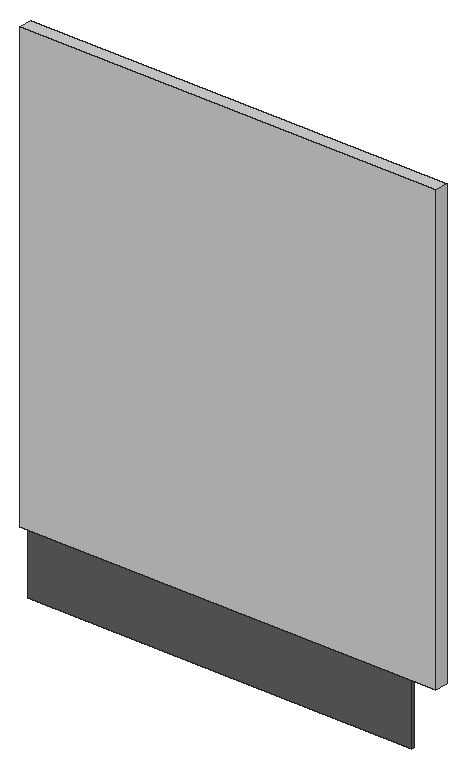
Revit family "Cabinet_Accessories-Danver-Side_Panel", category Casework, Revit 2026
Family settings
  Work Plane-Based = No
  Always vertical = Yes
  Cut with Voids When Loaded = No
  Shared = No
  Room Calculation Point = No
Parameters (values of type "27.88 Width")
  Version = "2019 - V1.0B"  # constant formula
  URL = "www.danver.com"
  Toe Kick Visibility [instance] = yes
  Toe Kick Material = Metal - Danver - Toe Kick
  Toe Kick Length = Base Cab Depth - Threshold Offset  # 2' - 1 3/4"
  Threshold Offset = 0' - 1 1/4"
  Support Phone = "(224) 699-9545"  # constant formula
  Support Email = "mailto:support@bimsmith.com"
  Product Page URL = "https://danver.com/cabinetry/specialty-cabinets/"
  Product Documentation Link = "https://danver.com/wp-content/uploads/2021/10/11-2021-Product_Specifications-1.pdf"
  Panel Width = Base Cab Depth + 0' 0 7/8"  # 2' - 3 7/8"
  Panel Thickness = 0' - 0 3/4"
  Panel Height = 2' - 6"
  Model = "OSP KW LV 27.88L"
  Manufacturer Email = "https://danver.com/contact-us/"
  Manufacturer Address = "One Grand Street, Wallingford, CT 06492"  # constant formula
  Manufacturer = "Danver Outdoor Kitchens"  # constant formula
  Panel Material = Metal - Danver - Stainless Steel
  Keynote = "12 35 28"
  Handle Material = Metal - Danver - Chrome Plated Steel
  Door Style = Door : Hampton
  Door Material [instance] = Metal - Danver - Stainless Steel
  Description = "Left Side Panel - 27 7/8\" Wide x 30\" Tall x 3/4\" Thick"
  Default Elevation = 0' - 0"
  Copyright = "©2021 Danver Outdoor Kitchens"  # constant formula
  Construction Type = "Type 304 Stainless Steel"  # constant formula
  Base Cab Depth = 2' - 3"
Types (5): name | Toe Kick Length | Panel Width | Model | Description | Base Cab Depth
  (no name) | 2' - 1 3/4" | 2' - 3 7/8" | "OSP KW LV 27.88L" | "Left Side Panel - 27 7/8\" Wide x 30\" Tall x 3/4\" Thick" | 2' - 3"
  27.88 Width | 2' - 1 3/4" | 2' - 3 7/8" | "OSP KW LV 27.88L" | "Left Side Panel - 27 7/8\" Wide x 30\" Tall x 3/4\" Thick" | 2' - 3"
  24.88 Width | 1' - 10 3/4" | 2' - 0 7/8" | "OSP KW LV 24.88L" | "Left Side Panel - 24 7/8\" Wide x 30\" Tall x 3/4\" Thick" | 2' - 0"
  25.63 Width | 1' - 11 1/2" | 2' - 1 5/8" | "OSP KW LV 25.63L" | "Left Side Panel - 25 5/8\" Wide x 30\" Tall x 3/4\" Thick" | 2' - 0 3/4"
  28.63 Width | 2' - 2 1/2" | 2' - 4 5/8" | "OSP KW LV 28.63L" | "Left Side Panel - 28 5/8\" Wide x 30\" Tall x 3/4\" Thick" | 2' - 3 3/4"
Reference planes (in)
  plane 1 "Center (Front/Back)": y = 0
  plane 2: z = 0
  plane 3 "Center (Left/Right)": x = 0
  plane 4: x = 27.875
  plane 5: y = -0.75
  plane 6: z = 4.5
  plane 7: z = 34.5
  plane 8: x = 27
  plane 9: x = 25.75
Dimensions and locks (in)
  "Panel Thickness": plane 5 to plane 1 "Center (Front/Back)"
  "Panel Height": plane 7 to plane 6
  "Panel Width": plane 3 "Center (Left/Right)" to plane 4
  "Base Cab Depth": plane 3 "Center (Left/Right)" to plane 8
  "Threshold Offset": plane 9 to plane 8
  "Toe Kick Length": plane 3 "Center (Left/Right)" to plane 9
  locked: plane 6 to level at 4.5
  aligned and locked: plane 2 to level
  aligned and locked: plane 3 "Center (Left/Right)" to nested 1
  aligned and locked: nested 1 to plane 1 "Center (Front/Back)"
  aligned and locked: nested 1 to plane 2
  aligned and locked: nested 2 to plane 3 "Center (Left/Right)"
  aligned and locked: plane 4 to nested 2
  aligned and locked: plane 5 to nested 2
  aligned and locked: plane 6 to nested 2
  aligned and locked: plane 7 to nested 2
Nested families (in)
  nested 1: "Toe Kick Left" at (0, -0.125, 0) x (0, 1, 0) z (0, 0, 1), Toe Kick Length <- "Toe Kick Length", Toe Kick Material <- "Toe Kick Material", visible <- "Toe Kick Visibility", type "Toe Kick Left"
    with Toe Kick Material Metal - Danver - Toe Kick, Toe Kick Length 2' - 1 3/4"
  nested 2: "Door" at (13.9375, 0.125, -16.44932), Door Material <- "Door Material", Door Panel Material <- "Panel Material", Handle Material <- "Handle Material", type <- "Door Style", type "Hampton"
    with Number of Louver Slats 14, Number of Beadboard Slats 15, Insert Panel Width 1' - 10 1/2", Insert Panel Height 2' - 0 5/8", Handle Material Metal - Danver - Chrome Plated Steel, Door Width 2' - 3 7/8", Door Panel Material Metal - Danver - Stainless Steel, Door Material Metal - Danver - Stainless Steel, Door Height 2' - 6"
Definition of nested family "Toe Kick Left"
  Parameters (values of type "Toe Kick Left")
    Toe Kick Material [instance] = none
    Toe Kick Length [instance] = 1' - 3.37294"
    Default Elevation = 0' - 0"
  Reference planes (in)
    plane 1 "Center (Front/Back)": y = 0
    plane 2: z = 0
    plane 3 "Center (Left/Right)": x = 0
    plane 4: y = -15.37294
  Forms (in)
    Extrusion 1, solid, material <- "Toe Kick Material"
      sketch origin (0, 0, 0) x (1, 0, 0) y (0, 0, 1)
        loop
          line (0, 0) -> (0.125, 0) -> (0.125, 4.5) -> (0, 4.5) -> (0, 0)
      from 0 to 15.37294
  Dimensions and locks (in)
    locked: Extrusion 1 sketch curve to level at 4.5
    locked: Extrusion 1 sketch curve to plane 3 "Center (Left/Right)" at 0.125
    "Toe Kick Length": plane 1 "Center (Front/Back)" to plane 4
    Extrusion 1 to level = 0' - 4 1/2"
    aligned and locked: plane 2 to level
    aligned and locked: Extrusion 1 to plane 1 "Center (Front/Back)"
    aligned and locked: plane 4 to Extrusion 1
  Automatic sketch dimensions
    Extrusion 1 sketch curve to plane 3 "Center (Left/Right)" = 0' - 0"
    Extrusion 1 sketch curve to level = 0' - 0"
Definition of nested family "Door"
  Parameters (values of type "Hampton")
    V_Venice = no
    V_Techno = no
    V_Rio = no
    V_Palm Beach = no
    V_PB-KW = if(or(V_Palm Beach, V_Keywest, V_Beadboard Insert, V_Louver Insert), 1 = 1, 1 = 0)  # no
    V_Louver Insert = no
    V_Keywest = no
    V_Handle = not(V_Techno)  # yes
    V_Hampton = yes
    V_Beadboard Insert = no
    Stile Width = if(V_Palm Beach, 0' 3 3/4", if(V_Rio, 0' 2 1/2", if(V_Venice, 0' 0 3/4", 0' 2 11/16")))  # 0' - 2 11/16"
    Door Panel Material [instance] = none
    Number of Louver Slats [instance] = roundup((Insert Panel Height) / 0' 1 225/256")  # 17
    Number of Beadboard Slats [instance] = roundup((Insert Panel Width) / 0' 1 1/2")  # 13
    Model = if(V_Beadboard Insert, "Keywest Beadboard", if(V_Louver Insert, "Keywest Louver", if(V_Hampton, "Hampton", if(V_Venice, "Venice", if(V_Techno, "Techno", if(V_Rio, "Rio", if(Door Panel Inset = 0' 0 1/2", "Keywest", "Yikes")))))))  # "Hampton"
    Insert Panel Width [instance] = Door Width - 0' 5 3/8"  # 1' - 6 5/8"
    Insert Panel Height [instance] = Door Height - 0' 5 3/8"  # 2' - 6 5/8"
    Handle Offset = if(V_Hampton, 0' 2 3/16", if(V_Venice, 0' 2", 0' 1 11/32"))  # 0' - 2 3/16"
    Handle Material [instance] = none
    Handle Drop = if(V_Hampton, 0' 1 11/32", if(V_Venice, 0' 2 47/64", 0' 2 49/64"))  # 0' - 1 11/32"
    Door Width [instance] = 2' - 0"
    Door Thickness = if(V_Venice, 0' 0 15/16", 0' 0 7/8")  # 0' - 0 7/8"
    Door Panel Inset = if(or(V_Louver Insert, V_Beadboard Insert), 0' 0 5/8", if(V_Venice, 0' 0 1/16", 0' 0 1/2"))  # 0' - 0 1/2"
    Door Material [instance] = none
    Door Height [instance] = 3' - 0"
    Analytic Construction = "<None>"
  Types (8): name | V_Venice | V_Techno | V_Rio | V_Palm Beach | V_PB-KW | V_Louver Insert | V_Keywest | V_Handle | V_Hampton | V_Beadboard Insert | Stile Width | Model | Handle Offset | Handle Drop | Door Thickness | Door Panel Inset
    Hampton | no | no | no | no | no | no | no | yes | yes | no | 0' - 2 11/16" | "Hampton" | 0' - 2 3/16" | 0' - 1 11/32" | 0' - 0 7/8" | 0' - 0 1/2"
    Keywest | no | no | no | no | yes | no | yes | yes | no | no | 0' - 2 11/16" | "Keywest" | 0' - 1 11/32" | 0' - 2 49/64" | 0' - 0 7/8" | 0' - 0 1/2"
    Keywest Beadboard | no | no | no | no | yes | no | yes | yes | no | yes | 0' - 2 11/16" | "Keywest Beadboard" | 0' - 1 11/32" | 0' - 2 49/64" | 0' - 0 7/8" | 0' - 0 5/8"
    Keywest Louver | no | no | no | no | yes | yes | yes | yes | no | no | 0' - 2 11/16" | "Keywest Louver" | 0' - 1 11/32" | 0' - 2 49/64" | 0' - 0 7/8" | 0' - 0 5/8"
    Palm Beach | no | no | no | yes | yes | no | no | yes | no | no | 0' - 3 3/4" | "Keywest" | 0' - 1 11/32" | 0' - 2 49/64" | 0' - 0 7/8" | 0' - 0 1/2"
    Rio | no | no | yes | no | no | no | no | yes | no | no | 0' - 2 1/2" | "Rio" | 0' - 1 11/32" | 0' - 2 49/64" | 0' - 0 7/8" | 0' - 0 1/2"
    Venice | yes | no | no | no | no | no | no | yes | no | no | 0' - 0 3/4" | "Venice" | 0' - 2" | 0' - 2 47/64" | 0' - 0 15/16" | 0' - 0 1/16"
    Techno | no | yes | no | no | no | no | no | no | no | no | 0' - 2 11/16" | "Techno" | 0' - 1 11/32" | 0' - 2 49/64" | 0' - 0 7/8" | 0' - 0 1/2"
  Reference planes (in)
    plane 1 "Center (Front/Back)": y = 0
    plane 2: z = 0
    plane 3 "Center (Left/Right)": x = 0
    plane 4: x = 12
    plane 5: x = -12
    plane 6: y = -0.875
    plane 7: z = 20.94932
    plane 8: z = 56.94932
    plane 9: z = 55.60557
    plane 10: x = 9.8125
    plane 11: x = -9.3125
    plane 12: z = 54.26182
    plane 13: z = 23.63682
    plane 14: x = 9.3125
    plane 15: y = -0.375
  Forms (in)
    Extrusion 1, solid, material <- "Door Panel Material", visible <- "V_PB-KW"
      sketch origin (0, 0, 0) x (1, 0, 0) y (0, 0, 1)
        loop
          line (-9.3125, 54.26182) -> (-9.3125, 23.63682) -> (9.3125, 23.63682) -> (9.3125, 54.26182) -> (-9.3125, 54.26182)
      from 0 to 0.375
    Sweep 2, solid, material <- "Door Material", visible <- "V_PB-KW"
      path origin (0, 0, 0) x (1, 0, 0) y (0, 0, 1)
        loop
          line (-12, 20.94932) -> (-12, 56.94932)
      profile origin (-12, 0, 38.94932) x (-1, 0, 0) y (0, -1, 0)
        loop
          line (0, 0) -> (0, 0.83984)
          arc (0, 0.83984) -> (-0.0103, 0.8647) -> (-0.03516, 0.875) r 0.03516
          line (-0.03516, 0.875) -> (-2.65234, 0.875)
          arc (-2.65234, 0.875) -> (-2.6772, 0.8647) -> (-2.6875, 0.83984) r 0.03516
          line (-2.6875, 0.83984) -> (-2.6875, 0) -> (0, 0)
        loop
          line (-24, 0) -> (-21.3125, 0) -> (-21.3125, 0.83984)
          arc (-21.3125, 0.83984) -> (-21.3228, 0.8647) -> (-21.34766, 0.875) r 0.03516
          line (-21.34766, 0.875) -> (-23.96484, 0.875)
          arc (-23.96484, 0.875) -> (-23.9897, 0.8647) -> (-24, 0.83984) r 0.03516
          line (-24, 0.83984) -> (-24, 0)
    Sweep 3, solid, material <- "Door Material", visible <- "V_PB-KW"
      path origin (0, 0, 0) x (1, 0, 0) y (0, 0, 1)
        loop
          line (-9.3125, 56.94932) -> (9.3125, 56.94932)
      profile origin (0, 0, 56.94932) x (0, 0, 1) y (0, -1, 0)
        loop
          line (0, 0) -> (0, 0.83984)
          arc (0, 0.83984) -> (-0.0103, 0.8647) -> (-0.03516, 0.875) r 0.03516
          line (-0.03516, 0.875) -> (-2.65234, 0.875)
          arc (-2.65234, 0.875) -> (-2.6772, 0.8647) -> (-2.6875, 0.83984) r 0.03516
          line (-2.6875, 0.83984) -> (-2.6875, 0) -> (0, 0)
        loop
          line (-36, 0) -> (-33.3125, 0) -> (-33.3125, 0.83984)
          arc (-33.3125, 0.83984) -> (-33.3228, 0.8647) -> (-33.34766, 0.875) r 0.03516
          line (-33.34766, 0.875) -> (-35.96484, 0.875)
          arc (-35.96484, 0.875) -> (-35.9897, 0.8647) -> (-36, 0.83984) r 0.03516
          line (-36, 0.83984) -> (-36, 0)
    Extrusion 4, solid, material <- "Door Material", visible <- "V_Techno"
      sketch origin (45.83357, 0, 12) x (0, 1, 0) y (0, 0, 1)
        loop
          line (-0.875, 44.94932) -> (-0.875, 44.57432) -> (-0.8125, 44.57432) -> (-0.8125, 44.88682) -> (-0.0625, 44.88682) -> (-0.0625, 43.82432) -> (-0.875, 43.82432) -> (-0.875, 8.94932) -> (0, 8.94932) -> (0, 44.94932) -> (-0.875, 44.94932)
      from -57.83357 to -33.83357
    Extrusion 5, solid, material <- "Door Material", visible <- "V_Rio"
      sketch origin (35.68973, 0, 0) x (1, 0, 0) y (0, 0, 1)
        loop
          line (-47.68973, 20.94932) -> (-23.68973, 20.94932) -> (-23.68973, 56.94932) -> (-47.68973, 56.94932) -> (-47.68973, 20.94932)
        loop
          line (-45.00223, 54.26182) -> (-45.00223, 23.63682) -> (-26.37723, 23.63682) -> (-26.37723, 54.26182) -> (-45.00223, 54.26182)
      from 0 to 0.875 <- "Door Thickness"
    Extrusion 6, solid, material <- "Door Panel Material", visible <- "V_Rio"
      sketch origin (0, 0, 0) x (1, 0, 0) y (0, 0, 1)
        loop
          line (-9.3125, 54.26182) -> (-9.3125, 23.63682) -> (9.3125, 23.63682) -> (9.3125, 54.26182) -> (-9.3125, 54.26182)
      from 0 to 0.5 <- "Door Panel Inset"
    Extrusion 7, solid, material <- "Door Material", visible <- "V_Hampton"
      sketch origin (-9.3125, -180, 96) x (0, 0, 1) y (0, -1, 0)
        loop
          line (-39.05068, -180) -> (-39.05068, -179.125) -> (-75.05068, -179.125) -> (-75.05068, -180) -> (-39.05068, -180)
      from -2.6875 to 21.3125
    Extrusion 8, solid, material <- "Door Material", visible <- "V_Venice"
      sketch origin (0, 0, 0) x (1, 0, 0) y (0, 0, 1)
        loop
          line (-12, 56.94932) -> (-12, 20.94932) -> (12, 20.94932) -> (12, 56.94932) -> (-12, 56.94932)
        loop
          line (-9.3125, 54.26182) -> (-9.3125, 23.63682) -> (9.3125, 23.63682) -> (9.3125, 54.26182) -> (-9.3125, 54.26182)
      from 0 to 0.875
    Extrusion 9, solid, material <- "Door Panel Material", visible <- "V_Venice"
      sketch origin (-9.3125, -180, 96) x (0, 0, 1) y (0, -1, 0)
        loop
          line (-41.58459, -180) -> (-41.58459, -179.625) -> (-72.36318, -179.625) -> (-72.36318, -180) -> (-41.58459, -180)
      from 0 to 18.625
  Lines and regions (in)
    symbolic lines, detail levels medium+fine
      curve 1: line (12, 0, 56.94932) -> (-12, 0, 38.94932)
      curve 2: line (-12, 0, 38.94932) -> (12, 0, 20.94932)
  Dimensions and locks (in)
    "Door Thickness": plane 6 to plane 1 "Center (Front/Back)"
    "Door Width": plane 5 to plane 4
    equal spacing: plane 5, plane 3 "Center (Left/Right)", plane 4
    "Door Height": plane 8 to plane 7
    "Handle Drop": plane 8 to plane 9
    "Handle Offset": plane 4 to plane 10
    equal spacing: plane 8, curve 2, plane 7
    "Door Panel Inset": plane 15 to plane 6
    "Stile Width": plane 13 to plane 7
    "Stile Width": plane 8 to plane 12
    "Stile Width": plane 5 to plane 11
    "Stile Width": plane 4 to plane 14
    plane 14 to plane 11 = 1' - 6 5/8"
    equal spacing: group 1, group 2, group 3, group 4, group 5, group 6, group 7, group 8, group 9, group 10, group 11, group 12, group 13  (x2)
    equal spacing: group 13, group 12, group 11, group 10, group 9, group 8, group 7, group 6, group 5, group 4, group 3, group 2, group 1
    plane 15 to plane 6 = 0' - 0 1/2"
    equal spacing: group 14, group 15, group 16, group 17, group 18, group 19, group 20, group 21, group 22, group 23, group 24, group 25, group 26, group 27, group 28, group 29, group 30  (x2)
    equal spacing: group 30, group 29, group 28, group 27, group 26, group 25, group 24, group 23, group 22, group 21, group 20, group 19, group 18, group 17, group 16, group 15, group 14
    plane 8 to Extrusion 4 sketch curve to Extrusion 4 sketch curve = 0' - 0 1/16" locked, 0' - 1 1/16" locked
    locked: plane 1 "Center (Front/Back)" to Extrusion 4 sketch curve at 0.0625
    locked: Extrusion 4 sketch curve to plane 6 at 0.0625
    aligned and locked: plane 2 to level
    aligned and locked: plane 11 to Extrusion 1 sketch curve
    aligned and locked: Extrusion 1 sketch curve to plane 12
    aligned and locked: Extrusion 1 sketch curve to plane 14
    aligned and locked: plane 13 to Extrusion 1 sketch curve
    aligned and locked: Extrusion 1 to plane 1 "Center (Front/Back)"
    aligned and locked: Extrusion 1 to plane 15
    aligned and locked: plane 8 to Sweep 2
    aligned and locked: plane 7 to Sweep 2
    aligned and locked: plane 11 to Sweep 3 sketch curve
    aligned and locked: plane 14 to Sweep 3 sketch curve
    aligned and locked: Extrusion 1 to plane 13
    aligned and locked: plane 15 to nested 1
    aligned and locked: nested 1 to plane 13
    aligned and locked: plane 11 to nested 1
    aligned and locked: nested 2 to nested 1
    aligned and locked: plane 15 to nested 2
    aligned and locked: nested 14 to plane 15
    aligned and locked: nested 14 to plane 12
    aligned and locked: nested 15 to plane 15
    aligned and locked: nested 15 to nested 14
    aligned and locked: plane 11 to nested 14
    aligned and locked: plane 11 to nested 15
    aligned and locked: profile plane to Sweep 2 sketch curve  (x2)
    aligned and locked: Sweep 2 sketch curve to plane 11
    aligned and locked: plane 6 to Sweep 2 sketch curve
    aligned and locked: plane 8 to Sweep 2 sketch curve
    aligned and locked: Sweep 2 sketch curve to plane 5
    aligned and locked: plane 7 to Sweep 2 sketch curve
    aligned and locked: plane 4 to Sweep 2 sketch curve
    aligned and locked: Sweep 2 sketch curve to plane 14
    aligned and locked: Sweep 2 sketch curve to plane 1 "Center (Front/Back)"
    aligned and locked: Sweep 2 sketch curve to plane 6
    aligned and locked: Sweep 3 sketch curve to plane 8
    aligned and locked: plane 1 "Center (Front/Back)" to Sweep 3 sketch curve
    aligned and locked: plane 6 to Sweep 3 sketch curve
    aligned and locked: plane 12 to Sweep 3 sketch curve
    aligned and locked: Sweep 3 sketch curve to plane 7
    aligned and locked: plane 13 to Sweep 3 sketch curve
    aligned and locked: Sweep 3 sketch curve to plane 1 "Center (Front/Back)"
    aligned and locked: Sweep 3 sketch curve to plane 6
    aligned and locked: plane 8 to Extrusion 4 sketch curve
    aligned and locked: plane 6 to Extrusion 4 sketch curve
    aligned and locked: plane 1 "Center (Front/Back)" to Extrusion 4 sketch curve
    aligned and locked: plane 7 to Extrusion 4 sketch curve
    aligned and locked: plane 5 to Extrusion 4
    aligned and locked: plane 4 to Extrusion 4
    aligned and locked: plane 5 to Extrusion 5 sketch curve
    aligned and locked: plane 11 to Extrusion 5 sketch curve
    aligned and locked: Extrusion 5 sketch curve to plane 14
    aligned and locked: plane 4 to Extrusion 5 sketch curve
    aligned and locked: plane 8 to Extrusion 5 sketch curve
    aligned and locked: Extrusion 5 sketch curve to plane 12
    aligned and locked: Extrusion 5 sketch curve to plane 7
    aligned and locked: plane 13 to Extrusion 5 sketch curve
    aligned and locked: Extrusion 5 to plane 1 "Center (Front/Back)"
    aligned and locked: plane 11 to Extrusion 6 sketch curve
    aligned and locked: Extrusion 6 sketch curve to plane 12
    aligned and locked: Extrusion 6 sketch curve to plane 14
    aligned and locked: plane 13 to Extrusion 6 sketch curve
    aligned and locked: Extrusion 6 to plane 1 "Center (Front/Back)"
    aligned and locked: Extrusion 7 sketch curve to plane 8
    aligned and locked: plane 1 "Center (Front/Back)" to Extrusion 7 sketch curve
    aligned and locked: plane 6 to Extrusion 7 sketch curve
    aligned and locked: plane 7 to Extrusion 7 sketch curve
    aligned and locked: plane 4 to Extrusion 7
    aligned and locked: plane 5 to Extrusion 7
    aligned and locked: Extrusion 8 sketch curve to plane 8
    aligned and locked: Extrusion 8 sketch curve to plane 5
    aligned and locked: plane 11 to Extrusion 8 sketch curve
    aligned and locked: Extrusion 8 sketch curve to plane 12
    aligned and locked: Extrusion 8 sketch curve to plane 4
    aligned and locked: Extrusion 8 sketch curve to plane 14
    aligned and locked: plane 7 to Extrusion 8 sketch curve
    aligned and locked: plane 13 to Extrusion 8 sketch curve
    aligned and locked: Extrusion 8 to plane 1 "Center (Front/Back)"
    aligned and locked: Extrusion 8 to plane 6
    aligned and locked: plane 13 to Extrusion 9 sketch curve
    aligned and locked: plane 15 to Extrusion 9 sketch curve
    aligned and locked: plane 1 "Center (Front/Back)" to Extrusion 9 sketch curve
    aligned and locked: plane 14 to Extrusion 9
    aligned and locked: Extrusion 9 to plane 11
  Automatic sketch dimensions
    Sweep 3 sketch curve to plane 8 = 0' - 0"
    Extrusion 4 sketch curve to plane 6 = 0' - 0"
    Extrusion 4 sketch curve to Extrusion 4 sketch curve = 0' - 0 5/16"
    plane 5 to curve 1 = 0' - 0"
    curve 2 to plane 4 = 0' - 0"
    curve 1 to plane 4 = 0' - 0"
    curve 2 to plane 7 = 0' - 0"
    curve 1 to plane 8 = 0' - 0"
    Sweep 2 sketch curve to Sweep 2 sketch curve = 0' - 0 9/256"  (x3)
    profile plane to Sweep 2 sketch curve = 0' - 0 9/256"
    Sweep 3 sketch curve to Sweep 3 sketch curve = 0' - 0 9/256"  (x3)
    profile plane to Sweep 3 sketch curve = 0' - 0 9/256"
    plane 12 to Extrusion 9 sketch curve = 0' - 0.15359"
  Nested families (in)
    nested 1: "Beadboard Slat" at (-8.5625, -0.625, 23.63682), BeadboardSlat Height <- "Insert Panel Height", Beadboard Material <- "Door Panel Material", visible <- "V_Beadboard Insert", type "Beadboard Slat"
      with Slat Width 0' - 1 1/2", BeadboardSlat Width 0' - 1 1/2", BeadboardSlat Height 2' - 6 5/8", Beadboard Material none
    nested 2: "Beadboard Slat" at (-7.0625, -0.625, 23.63682), BeadboardSlat Height <- "Insert Panel Height", Beadboard Material <- "Door Panel Material", visible <- "V_Beadboard Insert", type "Beadboard Slat"
      with Slat Width 0' - 1 1/2", BeadboardSlat Width 0' - 1 1/2", BeadboardSlat Height 2' - 6 5/8", Beadboard Material none
    nested 3: "Beadboard Slat" at (-5.5625, -0.625, 23.63682), BeadboardSlat Height <- "Insert Panel Height", Beadboard Material <- "Door Panel Material", visible <- "V_Beadboard Insert", type "Beadboard Slat"
      with Slat Width 0' - 1 1/2", BeadboardSlat Width 0' - 1 1/2", BeadboardSlat Height 2' - 6 5/8", Beadboard Material none
    nested 4: "Beadboard Slat" at (-4.0625, -0.625, 23.63682), BeadboardSlat Height <- "Insert Panel Height", Beadboard Material <- "Door Panel Material", visible <- "V_Beadboard Insert", type "Beadboard Slat"
      with Slat Width 0' - 1 1/2", BeadboardSlat Width 0' - 1 1/2", BeadboardSlat Height 2' - 6 5/8", Beadboard Material none
    nested 5: "Beadboard Slat" at (-2.5625, -0.625, 23.63682), BeadboardSlat Height <- "Insert Panel Height", Beadboard Material <- "Door Panel Material", visible <- "V_Beadboard Insert", type "Beadboard Slat"
      with Slat Width 0' - 1 1/2", BeadboardSlat Width 0' - 1 1/2", BeadboardSlat Height 2' - 6 5/8", Beadboard Material none
    nested 6: "Beadboard Slat" at (-1.0625, -0.625, 23.63682), BeadboardSlat Height <- "Insert Panel Height", Beadboard Material <- "Door Panel Material", visible <- "V_Beadboard Insert", type "Beadboard Slat"
      with Slat Width 0' - 1 1/2", BeadboardSlat Width 0' - 1 1/2", BeadboardSlat Height 2' - 6 5/8", Beadboard Material none
    nested 7: "Beadboard Slat" at (0.4375, -0.625, 23.63682), BeadboardSlat Height <- "Insert Panel Height", Beadboard Material <- "Door Panel Material", visible <- "V_Beadboard Insert", type "Beadboard Slat"
      with Slat Width 0' - 1 1/2", BeadboardSlat Width 0' - 1 1/2", BeadboardSlat Height 2' - 6 5/8", Beadboard Material none
    nested 8: "Beadboard Slat" at (1.9375, -0.625, 23.63682), BeadboardSlat Height <- "Insert Panel Height", Beadboard Material <- "Door Panel Material", visible <- "V_Beadboard Insert", type "Beadboard Slat"
      with Slat Width 0' - 1 1/2", BeadboardSlat Width 0' - 1 1/2", BeadboardSlat Height 2' - 6 5/8", Beadboard Material none
    nested 9: "Beadboard Slat" at (3.4375, -0.625, 23.63682), BeadboardSlat Height <- "Insert Panel Height", Beadboard Material <- "Door Panel Material", visible <- "V_Beadboard Insert", type "Beadboard Slat"
      with Slat Width 0' - 1 1/2", BeadboardSlat Width 0' - 1 1/2", BeadboardSlat Height 2' - 6 5/8", Beadboard Material none
    nested 10: "Beadboard Slat" at (4.9375, -0.625, 23.63682), BeadboardSlat Height <- "Insert Panel Height", Beadboard Material <- "Door Panel Material", visible <- "V_Beadboard Insert", type "Beadboard Slat"
      with Slat Width 0' - 1 1/2", BeadboardSlat Width 0' - 1 1/2", BeadboardSlat Height 2' - 6 5/8", Beadboard Material none
    nested 11: "Beadboard Slat" at (6.4375, -0.625, 23.63682), BeadboardSlat Height <- "Insert Panel Height", Beadboard Material <- "Door Panel Material", visible <- "V_Beadboard Insert", type "Beadboard Slat"
      with Slat Width 0' - 1 1/2", BeadboardSlat Width 0' - 1 1/2", BeadboardSlat Height 2' - 6 5/8", Beadboard Material none
    nested 12: "Beadboard Slat" at (7.9375, -0.625, 23.63682), BeadboardSlat Height <- "Insert Panel Height", Beadboard Material <- "Door Panel Material", visible <- "V_Beadboard Insert", type "Beadboard Slat"
      with Slat Width 0' - 1 1/2", BeadboardSlat Width 0' - 1 1/2", BeadboardSlat Height 2' - 6 5/8", Beadboard Material none
    nested 13: "Beadboard Slat" at (9.4375, -0.625, 23.63682), BeadboardSlat Height <- "Insert Panel Height", Beadboard Material <- "Door Panel Material", visible <- "V_Beadboard Insert", type "Beadboard Slat"
      with Slat Width 0' - 1 1/2", BeadboardSlat Width 0' - 1 1/2", BeadboardSlat Height 2' - 6 5/8", Beadboard Material none
    nested 14: "Louver Slat" at (-9.3125, -0.625, 53.32237) x (0, 0, 1) z (1, 0, 0), LouverSlat Height <- "Insert Panel Width", visible <- "V_Louver Insert", Louver Material <- "Door Material", type "Louver Slat"
      with LouverSlat Width 0' - 1 225/256", LouverSlat Height 1' - 6 5/8", Louver Material none
    nested 15: "Louver Slat" at (-9.3125, -0.625, 51.44346) x (0, 0, 1) z (1, 0, 0), LouverSlat Height <- "Insert Panel Width", visible <- "V_Louver Insert", Louver Material <- "Door Material", type "Louver Slat"
      with LouverSlat Width 0' - 1 225/256", LouverSlat Height 1' - 6 5/8", Louver Material none
    nested 16: "Louver Slat" at (-9.3125, -0.625, 49.56455) x (0, 0, 1) z (1, 0, 0), LouverSlat Height <- "Insert Panel Width", visible <- "V_Louver Insert", Louver Material <- "Door Material", type "Louver Slat"
      with LouverSlat Width 0' - 1 225/256", LouverSlat Height 1' - 6 5/8", Louver Material none
    nested 17: "Louver Slat" at (-9.3125, -0.625, 47.68565) x (0, 0, 1) z (1, 0, 0), LouverSlat Height <- "Insert Panel Width", visible <- "V_Louver Insert", Louver Material <- "Door Material", type "Louver Slat"
      with LouverSlat Width 0' - 1 225/256", LouverSlat Height 1' - 6 5/8", Louver Material none
    nested 18: "Louver Slat" at (-9.3125, -0.625, 45.80674) x (0, 0, 1) z (1, 0, 0), LouverSlat Height <- "Insert Panel Width", visible <- "V_Louver Insert", Louver Material <- "Door Material", type "Louver Slat"
      with LouverSlat Width 0' - 1 225/256", LouverSlat Height 1' - 6 5/8", Louver Material none
    nested 19: "Louver Slat" at (-9.3125, -0.625, 43.92783) x (0, 0, 1) z (1, 0, 0), LouverSlat Height <- "Insert Panel Width", visible <- "V_Louver Insert", Louver Material <- "Door Material", type "Louver Slat"
      with LouverSlat Width 0' - 1 225/256", LouverSlat Height 1' - 6 5/8", Louver Material none
    nested 20: "Louver Slat" at (-9.3125, -0.625, 42.04893) x (0, 0, 1) z (1, 0, 0), LouverSlat Height <- "Insert Panel Width", visible <- "V_Louver Insert", Louver Material <- "Door Material", type "Louver Slat"
      with LouverSlat Width 0' - 1 225/256", LouverSlat Height 1' - 6 5/8", Louver Material none
    nested 21: "Louver Slat" at (-9.3125, -0.625, 40.17002) x (0, 0, 1) z (1, 0, 0), LouverSlat Height <- "Insert Panel Width", visible <- "V_Louver Insert", Louver Material <- "Door Material", type "Louver Slat"
      with LouverSlat Width 0' - 1 225/256", LouverSlat Height 1' - 6 5/8", Louver Material none
    nested 22: "Louver Slat" at (-9.3125, -0.625, 38.29112) x (0, 0, 1) z (1, 0, 0), LouverSlat Height <- "Insert Panel Width", visible <- "V_Louver Insert", Louver Material <- "Door Material", type "Louver Slat"
      with LouverSlat Width 0' - 1 225/256", LouverSlat Height 1' - 6 5/8", Louver Material none
    nested 23: "Louver Slat" at (-9.3125, -0.625, 36.41221) x (0, 0, 1) z (1, 0, 0), LouverSlat Height <- "Insert Panel Width", visible <- "V_Louver Insert", Louver Material <- "Door Material", type "Louver Slat"
      with LouverSlat Width 0' - 1 225/256", LouverSlat Height 1' - 6 5/8", Louver Material none
    nested 24: "Louver Slat" at (-9.3125, -0.625, 34.5333) x (0, 0, 1) z (1, 0, 0), LouverSlat Height <- "Insert Panel Width", visible <- "V_Louver Insert", Louver Material <- "Door Material", type "Louver Slat"
      with LouverSlat Width 0' - 1 225/256", LouverSlat Height 1' - 6 5/8", Louver Material none
    nested 25: "Louver Slat" at (-9.3125, -0.625, 32.6544) x (0, 0, 1) z (1, 0, 0), LouverSlat Height <- "Insert Panel Width", visible <- "V_Louver Insert", Louver Material <- "Door Material", type "Louver Slat"
      with LouverSlat Width 0' - 1 225/256", LouverSlat Height 1' - 6 5/8", Louver Material none
    nested 26: "Louver Slat" at (-9.3125, -0.625, 30.77549) x (0, 0, 1) z (1, 0, 0), LouverSlat Height <- "Insert Panel Width", visible <- "V_Louver Insert", Louver Material <- "Door Material", type "Louver Slat"
      with LouverSlat Width 0' - 1 225/256", LouverSlat Height 1' - 6 5/8", Louver Material none
    nested 27: "Louver Slat" at (-9.3125, -0.625, 28.89658) x (0, 0, 1) z (1, 0, 0), LouverSlat Height <- "Insert Panel Width", visible <- "V_Louver Insert", Louver Material <- "Door Material", type "Louver Slat"
      with LouverSlat Width 0' - 1 225/256", LouverSlat Height 1' - 6 5/8", Louver Material none
    nested 28: "Louver Slat" at (-9.3125, -0.625, 27.01768) x (0, 0, 1) z (1, 0, 0), LouverSlat Height <- "Insert Panel Width", visible <- "V_Louver Insert", Louver Material <- "Door Material", type "Louver Slat"
      with LouverSlat Width 0' - 1 225/256", LouverSlat Height 1' - 6 5/8", Louver Material none
    nested 29: "Louver Slat" at (-9.3125, -0.625, 25.13877) x (0, 0, 1) z (1, 0, 0), LouverSlat Height <- "Insert Panel Width", visible <- "V_Louver Insert", Louver Material <- "Door Material", type "Louver Slat"
      with LouverSlat Width 0' - 1 225/256", LouverSlat Height 1' - 6 5/8", Louver Material none
    nested 30: "Louver Slat" at (-9.3125, -0.625, 23.25987) x (0, 0, 1) z (1, 0, 0), LouverSlat Height <- "Insert Panel Width", visible <- "V_Louver Insert", Louver Material <- "Door Material", type "Louver Slat"
      with LouverSlat Width 0' - 1 225/256", LouverSlat Height 1' - 6 5/8", Louver Material none
  Definition of nested family "Beadboard Slat"
    Parameters (values of type "Beadboard Slat")
      Slat Width [instance] = 0' - 1 1/2"  # constant formula
      Default Elevation = 0' - 0"
      BeadboardSlat Width [instance] = 0' - 1 1/2"  # constant formula
      BeadboardSlat Height [instance] = 3' - 0"
      Beadboard Material [instance] = none
    Reference planes (in)
      plane 1 "Center (Front/Back)": y = 0
      plane 2: z = 0
      plane 3 "Center (Left/Right)": x = 0
      plane 4: x = -0.75
      plane 5: x = 0.75
      plane 6: z = 36
      plane 7: y = 0.25
    Forms (in)
      Extrusion 1, solid, material <- "Beadboard Material"
        sketch origin (0, 0, 0) x (1, 0, 0) y (0, 1, 0)
          loop
            line (-0.75, 0.25) -> (-0.75, 0.03125)
            arc (-0.75, 0.03125) -> (-0.74085, 0.00915) -> (-0.71875, 0) r 0.03125
            line (-0.71875, 0) -> (0.71875, 0)
            arc (0.71875, 0) -> (0.74085, 0.00915) -> (0.75, 0.03125) r 0.03125
            line (0.75, 0.03125) -> (0.75, 0.25) -> (-0.75, 0.25)
        from 0 to 36
    Dimensions and locks (in)
      equal spacing: plane 5, plane 3 "Center (Left/Right)", plane 4
      "BeadboardSlat Width": plane 5 to plane 4
      "BeadboardSlat Height": plane 6 to plane 2
      plane 1 "Center (Front/Back)" to plane 7 = 0' - 0 1/4"
      locked: plane 7 to plane 1 "Center (Front/Back)" at 0.25
      aligned and locked: plane 2 to level
      aligned and locked: plane 4 to Extrusion 1 sketch curve
      aligned and locked: Extrusion 1 sketch curve to plane 1 "Center (Front/Back)"
      aligned and locked: Extrusion 1 sketch curve to plane 5
      aligned and locked: plane 7 to Extrusion 1
      aligned and locked: Extrusion 1 to plane 4
      aligned and locked: plane 5 to Extrusion 1
      aligned and locked: plane 1 "Center (Front/Back)" to Extrusion 1
      aligned and locked: Extrusion 1 sketch curve to plane 7
      aligned and locked: plane 6 to Extrusion 1
      aligned and locked: Extrusion 1 to plane 2
    Automatic sketch dimensions
      Extrusion 1 sketch curve to plane 1 "Center (Front/Back)" = 0' - 0 1/32"
      Extrusion 1 sketch curve to plane 7 = 0' - 0 7/32"
  Definition of nested family "Louver Slat"
    Parameters (values of type "Louver Slat")
      LouverSlat Width [instance] = 0' - 1 225/256"  # constant formula
      LouverSlat Height [instance] = 3' - 0"
      Louver Material [instance] = none
      Default Elevation = 4' - 0"
    Reference planes (in)
      plane 1 "Center (Front/Back)": y = 0
      plane 2: z = 0
      plane 3 "Center (Left/Right)": x = 0
      plane 4: x = -0.93945
      plane 5: x = 0.93945
      plane 6: z = 36
      plane 7: y = 0.25
    Forms (in)
      Extrusion 1, solid, material <- "Louver Material"
        sketch origin (0, 0, 0) x (1, 0, 0) y (0, 1, 0)
          loop
            line (-0.93945, 0.25) -> (-0.93945, 0.06729)
            arc (-0.93945, 0.06729) -> (-0.91808, 0.02023) -> (-0.86858, 0.00536) r 0.0625
            line (-0.86858, 0.00536) -> (0.93945, 0.25) -> (-0.93945, 0.25)
        from 0 to 36
    Dimensions and locks (in)
      equal spacing: plane 5, plane 3 "Center (Left/Right)", plane 4
      "LouverSlat Width": plane 5 to plane 4
      "LouverSlat Height": plane 6 to plane 2
      plane 1 "Center (Front/Back)" to plane 7 = 0' - 0 1/4"
      locked: plane 7 to plane 1 "Center (Front/Back)" at 0.25
      aligned and locked: plane 2 to level
      aligned and locked: plane 4 to Extrusion 1 sketch curve
      aligned and locked: plane 7 to Extrusion 1
      aligned and locked: Extrusion 1 to plane 4
      aligned and locked: Extrusion 1 sketch curve to plane 7
      aligned and locked: plane 6 to Extrusion 1
      aligned and locked: Extrusion 1 to plane 2
      aligned and locked: Extrusion 1 to plane 6
    Automatic sketch dimensions
      Extrusion 1 sketch curve to plane 5 = 0' - 0"
      plane 4 to Extrusion 1 sketch curve = 0' - 0 1/16"
      Extrusion 1 sketch curve to plane 1 "Center (Front/Back)" = 0' - 0.00536"
      Extrusion 1 sketch curve to Extrusion 1 sketch curve = 0' - 0.00838"
